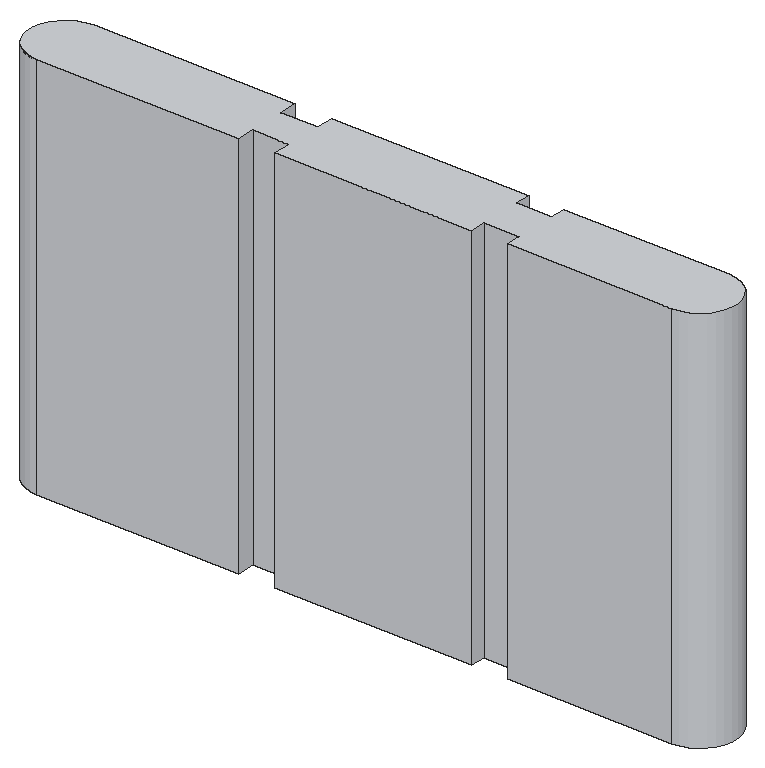
Revit family "闸墩 - 中墩", category 结构柱, Revit 2019
Family settings
  横断面形状 = 未定义
  用于模型行为的材质 = 其他
  始终导出为几何图形 = 否
  平面中的梁缩进 = 从边界框
  OmniClass 编号 = 23.25.30.11.14.11
  OmniClass 标题 = Columns
  加载时剪切的空心 = 否
  符号表示法 = 从族
  共享 = 否
  在平面视图中显示族的预剪切 = 是
Parameters (values of type "中墩 - C25")
  槽2深度 = 250 mm
  槽2宽度 = 600 mm
  槽2位置 = 8000 mm
  槽1深度 = 300 mm
  槽1宽度 = 620 mm
  槽1位置 = 4030 mm
  型号 = "LOCK_CHAMBER_PIER_MIDDLE"
  中墩宽度 = 1200 mm
  中墩长度 = 12000 mm
Reference planes
  plane 1 "中心(前/后)": y = 0
  plane 2: z = 0
  plane 3 "中心(左/右)": x = 0
  plane 4 "左": x = -6000
  plane 5 "右": x = 6000
  plane 6 "后": y = 600
  plane 7 "前": y = -600
  plane 8: x = -5400
  plane 9: x = 5400
  plane 10: x = -1970
  plane 11: x = 2000
  plane 12: x = 2600
  plane 13: y = -300
  plane 14: y = -350
  plane 15: x = -1350
  plane 16: y = 300
  plane 17: y = 350
Forms (mm)
  Extrusion 1, solid
    sketch origin (0, 0, 0) x (1, 0, 0) y (0, 1, 0)
      loop
        arc (-5400, 600) -> (-6000, 0) -> (-5400, -600) r 600
        line (-5400, -600) -> (5400, -600)
        arc (5400, -600) -> (6000, 0) -> (5400, 600) r 600
        line (5400, 600) -> (-5400, 600)
    from 0 to 6620
  Extrusion 2, void
    sketch origin (0, 0, 0) x (1, 0, 0) y (0, 1, 0)
      loop
        line (-1970, -300) -> (-1970, -600) -> (-1350, -600) -> (-1350, -300) -> (-1970, -300)
      loop
        line (2000, -350) -> (2000, -600) -> (2600, -600) -> (2600, -350) -> (2000, -350)
      loop
        line (2000, 600) -> (2000, 350) -> (2600, 350) -> (2600, 600) -> (2000, 600)
      loop
        line (-1970, 600) -> (-1970, 300) -> (-1350, 300) -> (-1350, 600) -> (-1970, 600)
    from 0 to 6620
Cuts and joins
  Extrusion 2 cuts Extrusion 1
Dimensions and locks
  equal spacing: plane 4 "左", plane 3 "中心(左/右)", plane 5 "右"
  equal spacing: plane 7 "前", plane 1 "中心(前/后)", plane 6 "后"
  "中墩长度": plane 4 "左" to plane 5 "右"
  "中墩宽度": plane 7 "前" to plane 6 "后"
  plane 4 "左" to plane 8 = 600 mm
  plane 9 to plane 5 "右" = 600 mm
  "槽1位置": plane 4 "左" to plane 10
  "槽1宽度": plane 10 to plane 15
  "槽2位置": plane 4 "左" to plane 11
  "槽2宽度": plane 11 to plane 12
  "槽1深度": plane 7 "前" to plane 13
  "槽2深度": plane 7 "前" to plane 14
  "槽1深度": plane 16 to plane 6 "后"
  "槽2深度": plane 17 to plane 6 "后"
  aligned and locked: level to plane 2
  aligned and locked: plane 6 "后" to Extrusion 1 sketch curve
  aligned and locked: Extrusion 1 sketch curve to plane 7 "前"
  aligned and locked: Extrusion 1 to level  (x2)
  aligned and locked: cut or joined group of Extrusion 1, Extrusion 2 to level  (x3)
  aligned and locked: plane 16 to cut or joined group of Extrusion 1, Extrusion 2
  aligned and locked: cut or joined group of Extrusion 1, Extrusion 2 to plane 10  (x2)
  aligned and locked: plane 15 to cut or joined group of Extrusion 1, Extrusion 2  (x2)
  aligned and locked: plane 13 to cut or joined group of Extrusion 1, Extrusion 2
  aligned and locked: plane 17 to cut or joined group of Extrusion 1, Extrusion 2
  aligned and locked: plane 12 to cut or joined group of Extrusion 1, Extrusion 2  (x2)
  aligned and locked: cut or joined group of Extrusion 1, Extrusion 2 to plane 11  (x2)
  aligned and locked: plane 14 to cut or joined group of Extrusion 1, Extrusion 2
Automatic sketch dimensions
  Extrusion 1 sketch curve to plane 8 = 0 mm
  Extrusion 1 sketch curve to plane 9 = 0 mm
  Extrusion 2 sketch curve to plane 10 = 0 mm  (x2)
  Extrusion 2 sketch curve to plane 13 = 0 mm
  Extrusion 2 sketch curve to plane 15 = 0 mm  (x2)
  plane 6 "后" to Extrusion 2 sketch curve = 0 mm  (x2)
  Extrusion 2 sketch curve to plane 11 = 0 mm  (x2)
  plane 7 "前" to Extrusion 2 sketch curve = 0 mm  (x2)
  Extrusion 2 sketch curve to plane 12 = 0 mm  (x2)
  Extrusion 2 sketch curve to plane 14 = 0 mm
  plane 16 to Extrusion 2 sketch curve = 0 mm
  plane 17 to Extrusion 2 sketch curve = 0 mm
